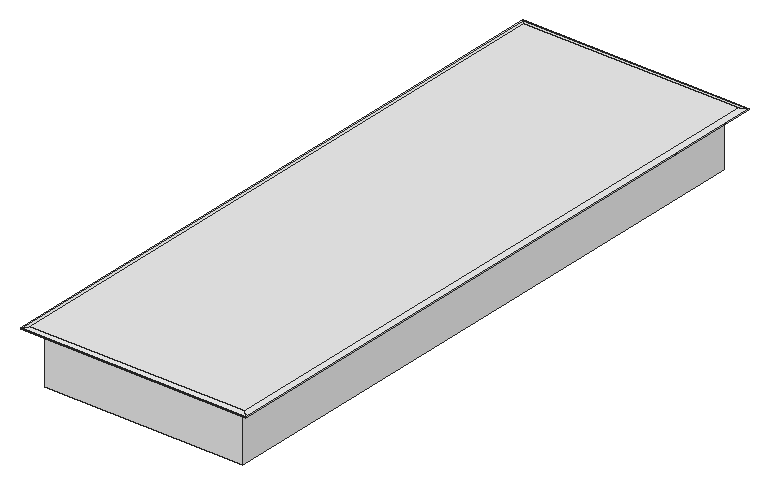
Revit family "Panel_Leviton_Indoor_42Pos", category Electrical Equipment, Revit 2026 (continued)
Definition of nested family "FrontView_42pos"
  Lines and regions (in)
    model lines
      curve 1456: line (7.59867, 10.22573, 0) -> (4.48834, 10.21674, 0)
      curve 1457: line (4.48834, 10.21674, 0) -> (4.48834, 10.0682, 0)
      curve 1458: line (4.48834, 10.0682, 0) -> (7.59867, 10.0682, 0)
      curve 1459: line (7.59867, 10.0682, 0) -> (7.59867, 10.04122, 0)
      curve 1460: line (7.59867, 10.04122, 0) -> (4.48834, 10.04122, 0)
      curve 1461: line (4.48834, 10.04122, 0) -> (4.48834, 10.0682, 0)
      curve 1462: line (4.48834, 7.98798, 0) -> (7.59867, 7.98798, 0)
      curve 1463: line (7.59867, 7.98798, 0) -> (7.59867, 7.961, 0)
      curve 1464: line (7.59867, 7.961, 0) -> (4.48834, 7.961, 0)
      curve 1465: line (4.48834, 7.961, 0) -> (4.48834, 7.98798, 0)
      curve 1466: line (4.48834, 7.98798, 0) -> (4.48834, 8.13652, 0)
      curve 1467: line (4.48834, 8.13652, 0) -> (7.59867, 8.14551, 0)
      curve 1468: line (4.48834, 12.12144, 0) -> (7.59867, 12.12144, 0)
      curve 1469: line (4.48834, 12.14842, 0) -> (4.48834, 12.12144, 0)
      curve 1470: line (4.48834, 12.12144, 0) -> (4.48834, 11.29585, 0)
      curve 1471: line (4.48834, 11.29585, 0) -> (7.59867, 11.29585, 0)
      curve 1472: line (7.59867, 11.29585, 0) -> (7.59867, 12.12144, 0)
      curve 1473: line (7.59867, 12.12144, 0) -> (7.59867, 12.14842, 0)
      curve 1474: line (8.65478, 11.08133, 0) -> (8.65478, 10.25574, 0)
      curve 1475: line (8.65478, 10.25574, 0) -> (11.76511, 10.25574, 0)
      curve 1476: line (11.76511, 10.25574, 0) -> (11.76511, 11.08133, 0)
      curve 1477: line (8.65478, 9.00111, 0) -> (8.65478, 8.17552, 0)
      curve 1478: line (8.65478, 8.17552, 0) -> (11.76511, 8.17552, 0)
      curve 1479: line (11.76511, 8.17552, 0) -> (11.76511, 9.00111, 0)
      curve 1480: line (4.48834, 10.04122, 0) -> (4.48834, 9.21563, 0)
      curve 1481: line (4.48834, 9.21563, 0) -> (7.59867, 9.21563, 0)
      curve 1482: line (7.59867, 9.21563, 0) -> (7.59867, 10.04122, 0)
      curve 1483: line (4.48834, 7.961, 0) -> (4.48834, 7.13541, 0)
      curve 1484: line (4.48834, 7.13541, 0) -> (7.59867, 7.13541, 0)
      curve 1485: line (7.59867, 7.13541, 0) -> (7.59867, 7.961, 0)
      curve 1486: line (4.48834, 9.02809, 0) -> (4.48834, 9.00111, 0)
      curve 1487: line (4.48834, 9.00111, 0) -> (7.59867, 9.00111, 0)
      curve 1488: line (7.59867, 9.00111, 0) -> (7.59867, 9.02809, 0)
      curve 1489: line (7.59867, 9.02809, 0) -> (7.59867, 9.17663, 0)
      curve 1490: line (8.65478, 7.98798, 0) -> (11.76511, 7.98798, 0)
      curve 1491: line (11.76511, 7.98798, 0) -> (11.76511, 7.961, 0)
      curve 1492: line (11.76511, 7.961, 0) -> (8.65478, 7.961, 0)
      curve 1493: line (8.65478, 7.961, 0) -> (8.65478, 7.98798, 0)
      curve 1494: line (8.65478, 7.98798, 0) -> (8.65478, 8.13652, 0)
      curve 1495: line (8.65478, 8.13652, 0) -> (8.65478, 8.14551, 0)
      curve 1496: line (8.65478, 12.30595, 0) -> (8.65478, 12.29696, 0)
      curve 1497: line (8.65478, 12.29696, 0) -> (8.65478, 12.14842, 0)
      curve 1498: line (8.65478, 12.14842, 0) -> (8.65478, 12.12144, 0)
      curve 1499: line (8.65478, 12.12144, 0) -> (11.76511, 12.12144, 0)
      curve 1500: line (8.65478, 10.0682, 0) -> (11.76511, 10.0682, 0)
      curve 1501: line (11.76511, 10.0682, 0) -> (11.76511, 10.04122, 0)
      curve 1502: line (11.76511, 10.04122, 0) -> (8.65478, 10.04122, 0)
      curve 1503: line (8.65478, 10.04122, 0) -> (8.65478, 10.0682, 0)
      curve 1504: line (8.65478, 10.0682, 0) -> (8.65478, 10.21674, 0)
      curve 1505: line (8.65478, 10.21674, 0) -> (11.76511, 10.22573, 0)
      curve 1506: line (4.48834, 11.10831, 0) -> (4.48834, 11.08133, 0)
      curve 1507: line (4.48834, 11.08133, 0) -> (7.59867, 11.08133, 0)
      curve 1508: line (7.59867, 11.08133, 0) -> (7.59867, 11.10831, 0)
      curve 1509: line (8.65478, 10.04122, 0) -> (8.65478, 9.21563, 0)
      curve 1510: line (8.65478, 9.21563, 0) -> (11.76511, 9.21563, 0)
      curve 1511: line (11.76511, 9.21563, 0) -> (11.76511, 10.04122, 0)
      curve 1512: line (7.59867, 8.17552, 0) -> (4.48834, 8.17552, 0)
      curve 1513: line (4.48834, 8.17552, 0) -> (4.48834, 9.00111, 0)
      curve 1514: line (10.76033, 7.13215, 0) -> (11.76511, 7.13541, 0)
      curve 1515: line (11.76511, 7.13541, 0) -> (11.76511, 7.961, 0)
      curve 1516: line (9.58188, 7.12849, 0) -> (8.65478, 7.13189, 0)
      curve 1517: line (8.65478, 7.1319, 0) -> (8.7246, 7.12962, 0)
      curve 1518: line (8.7246, 7.12962, 0) -> (9.66299, 7.12962, 0)
      curve 1519: line (9.66718, 7.12858, 0) -> (9.7216, 7.12858, 0)
      curve 1520: line (9.72579, 7.12962, 0) -> (9.8469, 7.12962, 0)
      curve 1521: line (9.85005, 7.12884, 0) -> (11.64363, 7.12884, 0)
      curve 1522: line (11.64363, 7.12849, 0) -> (11.70992, 7.12849, 0)
      curve 1523: line (11.70992, 7.12849, 0) -> (11.76511, 7.13541, 0)
      curve 1524: line (11.76511, 7.13541, 0) -> (8.65478, 7.13541, 0)
      curve 1525: line (8.65478, 7.13541, 0) -> (8.65478, 7.961, 0)
      curve 1526: line (8.65478, 12.14842, 0) -> (11.76511, 12.14842, 0)
      curve 1527: line (4.48834, 11.08133, 0) -> (4.48834, 10.25574, 0)
      curve 1528: line (4.48834, 10.25574, 0) -> (7.59867, 10.25574, 0)
      curve 1529: line (7.59867, 10.25574, 0) -> (7.59867, 11.08133, 0)
      curve 1530: line (4.48834, 9.18562, 0) -> (4.48834, 9.17663, 0)
      curve 1531: line (4.48834, 9.17663, 0) -> (7.59867, 9.17663, 0)
      curve 1532: line (7.59867, 9.17663, 0) -> (7.59867, 9.18562, 0)
      curve 1533: line (7.59867, 9.18562, 0) -> (4.48834, 9.17663, 0)
      curve 1534: line (4.48834, 9.17663, 0) -> (4.48834, 9.02809, 0)
      curve 1535: line (4.48834, 9.02809, 0) -> (7.59867, 9.02809, 0)
      curve 1536: line (7.59867, 12.30595, 0) -> (4.48834, 12.29696, 0)
      curve 1537: line (4.48834, 12.29696, 0) -> (7.59867, 12.29696, 0)
      curve 1538: line (7.59867, 12.29696, 0) -> (7.59867, 12.14842, 0)
      curve 1539: line (7.59867, 12.14842, 0) -> (4.48834, 12.14842, 0)
      curve 1540: line (4.48834, 12.14842, 0) -> (4.48834, 12.29696, 0)
      curve 1541: line (4.48834, 12.29696, 0) -> (4.48834, 12.30595, 0)
      curve 1542: line (11.76511, 8.14551, 0) -> (8.65478, 8.13652, 0)
      curve 1543: line (8.65478, 8.13652, 0) -> (11.76511, 8.13652, 0)
      curve 1544: line (11.76511, 8.13652, 0) -> (11.76511, 7.98798, 0)
      curve 1545: line (4.48834, 8.14551, 0) -> (4.48834, 8.13652, 0)
      curve 1546: line (4.48834, 8.13652, 0) -> (7.59867, 8.13652, 0)
      curve 1547: line (7.59867, 8.13652, 0) -> (7.59867, 7.98798, 0)
      curve 1548: line (8.65478, 9.18562, 0) -> (8.65478, 9.17663, 0)
      curve 1549: line (8.65478, 9.17663, 0) -> (11.76511, 9.17663, 0)
      curve 1550: line (11.76511, 9.17663, 0) -> (11.76511, 9.02809, 0)
      curve 1551: line (8.65478, 11.26584, 0) -> (8.65478, 11.25685, 0)
      curve 1552: line (8.65478, 11.25685, 0) -> (11.76511, 11.25685, 0)
      curve 1553: line (11.76511, 11.25685, 0) -> (11.76511, 11.26584, 0)
      curve 1554: line (11.76511, 11.26584, 0) -> (8.65478, 11.25685, 0)
      curve 1555: line (8.65478, 11.25685, 0) -> (8.65478, 11.10831, 0)
      curve 1556: line (8.65478, 11.10831, 0) -> (11.76511, 11.10831, 0)
      curve 1557: line (8.65478, 12.12144, 0) -> (8.65478, 11.29585, 0)
      curve 1558: line (8.65478, 11.29585, 0) -> (11.76511, 11.29585, 0)
      curve 1559: line (11.76511, 11.29585, 0) -> (11.76511, 12.12144, 0)
      curve 1560: line (11.76511, 12.12144, 0) -> (11.76511, 12.14842, 0)
      curve 1561: line (11.76511, 12.14842, 0) -> (11.76511, 12.30595, 0)
      curve 1562: line (11.76511, 12.30595, 0) -> (8.65478, 12.29696, 0)
      curve 1563: line (8.65478, 12.29696, 0) -> (11.76511, 12.29696, 0)
      curve 1564: line (4.48834, 10.22573, 0) -> (4.48834, 10.21674, 0)
      curve 1565: line (4.48834, 10.21674, 0) -> (7.59867, 10.21674, 0)
      curve 1566: line (7.59867, 10.21674, 0) -> (7.59867, 10.0682, 0)
      curve 1567: line (8.65478, 10.22573, 0) -> (8.65478, 10.21674, 0)
      curve 1568: line (8.65478, 10.21674, 0) -> (11.76511, 10.21674, 0)
      curve 1569: line (11.76511, 10.21674, 0) -> (11.76511, 10.0682, 0)
      curve 1570: line (4.48834, 11.26584, 0) -> (4.48834, 11.25685, 0)
      curve 1571: line (4.48834, 11.25685, 0) -> (7.59867, 11.25685, 0)
      curve 1572: line (7.59867, 11.25685, 0) -> (7.59867, 11.26584, 0)
      curve 1573: line (7.59867, 11.26584, 0) -> (4.48834, 11.25685, 0)
      curve 1574: line (4.48834, 11.25685, 0) -> (4.48834, 11.10831, 0)
      curve 1575: line (4.48834, 11.10831, 0) -> (7.59867, 11.10831, 0)
      curve 1576: line (7.59867, 11.10831, 0) -> (7.59867, 11.25685, 0)
      curve 1577: line (8.65478, 7.13541, 0) -> (8.65478, 7.12541, 0)
      curve 1578: line (8.65478, 7.12541, 0) -> (11.76511, 7.12541, 0)
      curve 1579: line (11.76511, 7.12541, 0) -> (11.76511, 7.13541, 0)
      curve 1580: line (8.65478, 10.25574, 0) -> (8.65478, 10.24574, 0)
      curve 1581: line (8.65478, 10.24574, 0) -> (11.76511, 10.24574, 0)
      curve 1582: line (11.76511, 10.24574, 0) -> (11.76511, 10.25574, 0)
      curve 1583: line (8.65478, 9.21563, 0) -> (8.65478, 9.20563, 0)
      curve 1584: line (8.65478, 9.20563, 0) -> (11.76511, 9.20563, 0)
      curve 1585: line (11.76511, 9.20563, 0) -> (11.76511, 9.21563, 0)
      curve 1586: line (8.65478, 8.17552, 0) -> (8.65478, 8.16552, 0)
      curve 1587: line (8.65478, 8.16552, 0) -> (11.76511, 8.16552, 0)
      curve 1588: line (11.76511, 8.16552, 0) -> (11.76511, 8.17552, 0)
      curve 1589: line (4.48834, 7.13541, 0) -> (4.48834, 7.12541, 0)
      curve 1590: line (4.48834, 7.12541, 0) -> (7.59867, 7.12541, 0)
      curve 1591: line (7.59867, 7.12541, 0) -> (7.59867, 7.13541, 0)
      curve 1592: line (7.59867, 7.1319, 0) -> (7.52885, 7.12962, 0)
      curve 1593: line (7.52885, 7.12962, 0) -> (6.59046, 7.12962, 0)
      curve 1594: line (6.58627, 7.12858, 0) -> (6.53185, 7.12858, 0)
      curve 1595: line (6.52766, 7.12962, 0) -> (6.40654, 7.12962, 0)
      curve 1596: line (6.4034, 7.12884, 0) -> (4.61121, 7.12884, 0)
      curve 1597: line (4.61121, 7.12884, 0) -> (4.54353, 7.12849, 0)
      curve 1598: line (4.54353, 7.12849, 0) -> (4.48834, 7.12849, 0)
      curve 1599: line (4.48834, 7.12849, 0) -> (5.49308, 7.13215, 0)
      curve 1600: line (4.48834, 10.25574, 0) -> (4.48834, 10.24574, 0)
      curve 1601: line (4.48834, 10.24574, 0) -> (7.59867, 10.24574, 0)
      curve 1602: line (7.59867, 10.24574, 0) -> (7.59867, 10.25574, 0)
      curve 1603: line (4.48834, 9.21563, 0) -> (4.48834, 9.20563, 0)
      curve 1604: line (4.48834, 9.20563, 0) -> (7.59867, 9.20563, 0)
      curve 1605: line (7.59867, 9.20563, 0) -> (7.59867, 9.21563, 0)
      curve 1606: line (4.48834, 8.17552, 0) -> (4.48834, 8.16552, 0)
      curve 1607: line (4.48834, 8.16552, 0) -> (7.59867, 8.16552, 0)
      curve 1608: line (7.59867, 8.16552, 0) -> (7.59867, 8.17552, 0)
      curve 1609: line (7.59867, 8.17552, 0) -> (7.59867, 9.00111, 0)
      curve 1610: line (5.61222, 7.13264, 0) -> (5.65812, 7.12932, 0)
      curve 1611: line (5.65812, 7.12932, 0) -> (5.65222, 7.13227, 0)
      curve 1612: line (5.65222, 7.13227, 0) -> (5.65812, 7.12932, 0)
      curve 1613: line (5.65812, 7.12932, 0) -> (6.3568, 7.12932, 0)
      curve 1614: line (9.8312, 7.13006, 0) -> (8.76297, 7.13006, 0)
      curve 1615: line (8.76297, 7.13006, 0) -> (8.70606, 7.13191, 0)
      curve 1616: line (9.89619, 7.1295, 0) -> (10.59033, 7.1295, 0)
      curve 1617: line (10.59533, 7.12932, 0) -> (10.64122, 7.13264, 0)
      curve 1618: line (9.83754, 11.29069, 0) -> (9.8312, 11.28736, 0)
      curve 1619: line (9.8312, 11.28736, 0) -> (8.76297, 11.28736, 0)
      curve 1620: line (8.76297, 11.28736, 0) -> (8.71658, 11.28585, 0)
      curve 1621: line (8.71658, 11.28585, 0) -> (8.72076, 11.29094, 0)
      curve 1622: line (8.72076, 11.29094, 0) -> (8.76297, 11.29156, 0)
      curve 1623: line (8.76297, 11.29156, 0) -> (9.8312, 11.29156, 0)
      curve 1624: line (7.53269, 11.29094, 0) -> (7.53687, 11.28585, 0)
      curve 1625: line (7.53687, 11.28585, 0) -> (7.49048, 11.28736, 0)
      curve 1626: line (7.49048, 11.28736, 0) -> (6.42225, 11.28736, 0)
      curve 1627: line (6.42225, 11.28736, 0) -> (6.41591, 11.29069, 0)
      curve 1628: line (6.41277, 11.29069, 0) -> (7.49048, 11.29069, 0)
      curve 1629: line (7.49048, 11.29069, 0) -> (7.54724, 11.29526, 0)
      curve 1630: line (10.60525, 8.16552, 0) -> (10.60525, 8.17552, 0)
      curve 1631: line (10.60525, 9.20563, 0) -> (10.60525, 9.21563, 0)
      curve 1632: line (10.60525, 10.24574, 0) -> (10.60525, 10.25574, 0)
      curve 1633: line (5.6482, 8.16552, 0) -> (5.6482, 8.17552, 0)
      curve 1634: line (5.6482, 10.24574, 0) -> (5.6482, 10.25574, 0)
      curve 1635: line (5.6482, 9.20563, 0) -> (5.6482, 9.21563, 0)
      curve 1636: line (10.76031, 9.21563, 0) -> (10.76031, 9.20563, 0)
      curve 1637: line (10.76031, 8.17552, 0) -> (10.76031, 8.16552, 0)
      curve 1638: line (10.76031, 10.25574, 0) -> (10.76031, 10.24574, 0)
      curve 1639: line (5.49313, 8.16552, 0) -> (5.49313, 8.17552, 0)
      curve 1640: line (5.49313, 9.20563, 0) -> (5.49313, 9.21563, 0)
      curve 1641: line (5.49313, 10.24574, 0) -> (5.49313, 10.25574, 0)
      curve 1642: line (7.49048, 8.16552, 0) -> (7.49048, 8.17552, 0)
      curve 1643: line (7.49048, 10.24574, 0) -> (7.49048, 10.25574, 0)
      curve 1644: line (7.49048, 9.20563, 0) -> (7.49048, 9.21563, 0)
      curve 1645: line (8.76297, 10.24574, 0) -> (8.76297, 10.25574, 0)
      curve 1646: line (8.76297, 8.16552, 0) -> (8.76297, 8.17552, 0)
      curve 1647: line (8.76297, 9.20563, 0) -> (8.76297, 9.21563, 0)
      curve 1648: line (6.3568, 8.16552, 0) -> (6.3568, 8.17552, 0)
      curve 1649: line (6.3568, 10.24574, 0) -> (6.3568, 10.25574, 0)
      curve 1650: line (6.3568, 9.20563, 0) -> (6.3568, 9.21563, 0)
      curve 1651: line (9.89665, 10.24574, 0) -> (9.89665, 10.25574, 0)
      curve 1652: line (9.89665, 8.16552, 0) -> (9.89665, 8.17552, 0)
      curve 1653: line (9.89665, 9.20563, 0) -> (9.89665, 9.21563, 0)
      curve 1654: line (11.76511, 11.28912, 0) -> (10.76031, 11.28912, 0)
      curve 1655: line (10.76031, 11.28912, 0) -> (10.76031, 11.29585, 0)
      curve 1656: line (10.76031, 11.29585, 0) -> (10.69863, 11.28912, 0)
      curve 1657: line (10.69863, 11.28912, 0) -> (10.64071, 11.28862, 0)
      curve 1658: line (10.63949, 11.28893, 0) -> (10.61672, 11.28912, 0)
      curve 1659: line (10.61672, 11.28912, 0) -> (10.59984, 11.28585, 0)
      curve 1660: line (10.59033, 11.28814, 0) -> (9.89665, 11.28814, 0)
      curve 1661: line (9.89665, 11.28814, 0) -> (9.91319, 11.28862, 0)
      curve 1662: line (9.91441, 11.28912, 0) -> (9.89665, 11.28999, 0)
      curve 1663: line (9.89665, 11.28999, 0) -> (10.59524, 11.28999, 0)
      curve 1664: line (10.59524, 11.28999, 0) -> (10.6011, 11.29585, 0)
      curve 1665: line (10.6011, 11.29585, 0) -> (10.6161, 11.29585, 0)
      curve 1666: line (10.6161, 11.29585, 0) -> (10.60937, 11.28912, 0)
      curve 1667: line (10.60937, 11.28912, 0) -> (9.85005, 11.28912, 0)
      curve 1668: line (9.8469, 11.29069, 0) -> (9.72579, 11.29069, 0)
      curve 1669: line (9.72348, 11.28953, 0) -> (9.73064, 11.28884, 0)
      curve 1670: line (9.73376, 11.29069, 0) -> (9.72209, 11.28884, 0)
      curve 1671: line (9.72209, 11.28884, 0) -> (9.73064, 11.28884, 0)
      curve 1672: line (9.73376, 11.28784, 0) -> (9.83754, 11.28784, 0)
      curve 1673: line (9.84068, 11.28862, 0) -> (9.91319, 11.28862, 0)
      curve 1674: line (9.91319, 11.28862, 0) -> (10.63949, 11.28862, 0)
      curve 1675: line (10.63949, 11.28893, 0) -> (11.62587, 11.28893, 0)
      curve 1676: line (11.62587, 11.28862, 0) -> (11.70992, 11.28893, 0)
      curve 1677: line (11.70992, 11.28893, 0) -> (11.76511, 11.28893, 0)
      curve 1678: line (11.76511, 11.28585, 0) -> (8.65478, 11.28585, 0)
      curve 1679: line (8.65478, 11.28585, 0) -> (8.65478, 11.29585, 0)
      curve 1680: line (8.65478, 11.29585, 0) -> (8.72076, 11.28784, 0)
      curve 1681: line (8.72076, 11.28784, 0) -> (9.65502, 11.28784, 0)
      curve 1682: line (9.65904, 11.28884, 0) -> (9.66669, 11.28884, 0)
      curve 1683: line (9.66669, 11.28884, 0) -> (9.65502, 11.29069, 0)
      curve 1684: line (9.66299, 11.29069, 0) -> (8.7246, 11.29069, 0)
      curve 1685: line (8.7246, 11.29069, 0) -> (8.65492, 11.29523, 0)
      curve 1686: line (4.48834, 11.28912, 0) -> (5.49313, 11.28912, 0)
      curve 1687: line (5.49313, 11.28912, 0) -> (5.49313, 11.29585, 0)
      curve 1688: line (5.49313, 11.29585, 0) -> (5.55481, 11.28912, 0)
      curve 1689: line (5.55481, 11.28912, 0) -> (5.61222, 11.28912, 0)
      curve 1690: line (5.61222, 11.28912, 0) -> (5.63673, 11.28912, 0)
      curve 1691: line (5.63673, 11.28912, 0) -> (5.6582, 11.28999, 0)
      curve 1692: line (5.6582, 11.28999, 0) -> (6.3568, 11.28999, 0)
      curve 1693: line (6.3568, 11.28814, 0) -> (5.66312, 11.28814, 0)
      curve 1694: line (5.65361, 11.28585, 0) -> (5.63673, 11.29585, 0)
      curve 1695: line (5.63673, 11.29585, 0) -> (5.6582, 11.28999, 0)
      curve 1696: line (5.6582, 11.28999, 0) -> (5.64346, 11.28912, 0)
      curve 1697: line (5.64346, 11.28912, 0) -> (6.4034, 11.28912, 0)
      curve 1698: line (6.40654, 11.29069, 0) -> (6.52766, 11.29069, 0)
      curve 1699: line (6.51969, 11.29069, 0) -> (6.53136, 11.28884, 0)
      curve 1700: line (6.53136, 11.28884, 0) -> (6.52371, 11.28884, 0)
      curve 1701: line (6.51969, 11.28784, 0) -> (6.41591, 11.28784, 0)
      curve 1702: line (6.41277, 11.28862, 0) -> (4.62635, 11.28862, 0)
      curve 1703: line (4.62635, 11.28893, 0) -> (4.54353, 11.28893, 0)
      curve 1704: line (4.54353, 11.28893, 0) -> (4.48834, 11.29585, 0)
      curve 1705: line (4.48834, 11.29585, 0) -> (4.48834, 11.28585, 0)
      curve 1706: line (4.48834, 11.28585, 0) -> (7.59867, 11.28585, 0)
      curve 1707: line (7.59867, 11.28585, 0) -> (7.59867, 11.29585, 0)
      curve 1708: line (7.59852, 11.29523, 0) -> (7.52885, 11.29069, 0)
      curve 1709: line (7.52885, 11.29069, 0) -> (6.59046, 11.29069, 0)
      curve 1710: line (6.58893, 11.28993, 0) -> (6.59843, 11.29069, 0)
      curve 1711: line (6.59843, 11.29069, 0) -> (6.58676, 11.28884, 0)
      curve 1712: line (6.58676, 11.28884, 0) -> (6.59441, 11.28884, 0)
      curve 1713: line (6.59843, 11.28784, 0) -> (7.53269, 11.28784, 0)
      curve 1714: line (7.53269, 11.28784, 0) -> (7.59382, 11.28585, 0)
      curve 1715: line (10.59524, 11.28999, 0) -> (10.60998, 11.28973, 0)
      curve 1716: line (10.60937, 11.28912, 0) -> (10.61672, 11.28912, 0)
      curve 1717: line (10.61672, 11.28912, 0) -> (10.60937, 11.28912, 0)
      curve 1718: line (5.27792, 7.12884, 0) -> (6.19652, 7.12884, 0)
      curve 1719: line (6.19827, 7.12674, 0) -> (6.25478, 7.12674, 0)
      curve 1720: line (6.25653, 7.12849, 0) -> (6.44655, 7.12849, 0)
      curve 1721: line (6.50655, 7.12849, 0) -> (6.61156, 7.12849, 0)
      curve 1722: line (6.67157, 7.12849, 0) -> (7.53666, 7.12849, 0)
      curve 1723: line (7.53858, 7.12657, 0) -> (7.5565, 7.12541, 0)
      curve 1724: line (7.5565, 7.12541, 0) -> (7.53858, 7.12994, 0)
      curve 1725: line (7.53667, 7.12988, 0) -> (7.49048, 7.13006, 0)
      curve 1726: line (7.49048, 7.13006, 0) -> (6.42109, 7.13006, 0)
      curve 1727: line (9.64188, 7.12849, 0) -> (9.74689, 7.12849, 0)
      curve 1728: line (9.8069, 7.12849, 0) -> (9.99692, 7.12849, 0)
      curve 1729: line (9.99867, 7.12674, 0) -> (10.05518, 7.12674, 0)
      curve 1730: line (10.05693, 7.12849, 0) -> (11.64363, 7.12849, 0)
      curve 1731: line (11.64584, 7.12674, 0) -> (11.70235, 7.12674, 0)
      curve 1732: line (4.59961, 7.12674, 0) -> (4.55109, 7.12674, 0)
  Dimensions and locks (in)
    aligned and locked: plane 2 to level
Definition of nested family "SideView"
  Parameters
    Door Open = no
    Door Closed = not(Door Open)  # yes
  Reference planes (in)
    plane 1 "Center (Front/Back)": y = 0
    plane 2: z = 0
    plane 3 "Center (Left/Right)": x = 0
  Lines and regions (in)
    model lines, in view "Ref. Level", detail levels fine
      curve 1: line (17.56675, 4.22759, 0) -> (17.78658, 4.20408, 0)
      curve 2: line (17.78658, 4.20408, 0) -> (17.54308, 4.20209, 0)
      curve 3: line (17.54308, 4.20209, 0) -> (17.54242, 4.12631, 0)
      curve 4: line (19.83821, 4.12631, 0) -> (19.81388, 4.20408, 0)
      curve 5: line (19.81388, 4.20408, 0) -> (18.74258, 4.20408, 0)
      curve 6: line (18.74258, 4.20408, 0) -> (19.81388, 4.22759, 0)
      curve 7: line (19.69576, 4.26685, 0) -> (18.74258, 4.26685, 0)
      curve 8: line (17.78658, 4.26685, 0) -> (17.68487, 4.26685, 0)
      curve 9: line (32.91605, 0.4385, 0) -> (32.91638, 0.45742, 0)
      curve 10: line (31.74798, 2.1685, 0) -> (31.74716, 2.1216, 0)
      curve 12: line (14.76942, -0.12614, 0) -> (14.74406, -0.1113, 0)
      curve 13: line (14.52726, -0.11159, 0) -> (14.55996, -0.13063, 0)
      curve 14: line (12.24128, -0.05597, 0) -> (12.26121, -0.06753, 0)
      curve 15: line (12.41064, -0.08348, 0) -> (12.43116, -0.07157, 0)
      curve 16: line (12.4109, -0.05208, 0) -> (12.42227, -0.04548, 0)
      curve 17: line (12.24125, -0.08721, 0) -> (12.26121, -0.09878, 0)
      curve 18: line (12.26742, -0.06944, 0) -> (12.24857, -0.08111, 0)
      curve 19: line (12.43182, -0.06761, 0) -> (12.41118, -0.05564, 0)
      curve 20: line (12.43083, -0.09829, 0) -> (12.41117, -0.08689, 0)
      curve 21: line (37.1785, -0.0561, 0) -> (37.19821, -0.06753, 0)
      curve 22: line (37.3479, -0.08333, 0) -> (37.36816, -0.07157, 0)
      curve 23: line (37.3479, -0.05208, 0) -> (37.35927, -0.04548, 0)
      curve 24: line (37.17825, -0.08721, 0) -> (37.19821, -0.09878, 0)
      curve 25: line (37.20442, -0.06944, 0) -> (37.18557, -0.08111, 0)
      curve 26: line (37.36881, -0.06761, 0) -> (37.34818, -0.05564, 0)
      curve 27: line (37.36783, -0.09829, 0) -> (37.34817, -0.08689, 0)
      curve 28: line (18.4815, -0.0561, 0) -> (18.50121, -0.06753, 0)
      curve 29: line (18.65064, -0.08348, 0) -> (18.67116, -0.07157, 0)
      curve 30: line (18.65064, -0.05223, 0) -> (18.66227, -0.04548, 0)
      curve 31: line (18.48125, -0.08721, 0) -> (18.50121, -0.09878, 0)
      curve 32: line (18.50742, -0.06944, 0) -> (18.48857, -0.08111, 0)
      curve 33: line (18.67182, -0.06761, 0) -> (18.65118, -0.05564, 0)
      curve 34: line (18.67083, -0.09829, 0) -> (18.65117, -0.08689, 0)
      curve 35: line (30.93828, -0.05597, 0) -> (30.95821, -0.06753, 0)
      curve 36: line (31.10764, -0.08348, 0) -> (31.12816, -0.07157, 0)
      curve 37: line (31.1079, -0.05208, 0) -> (31.11927, -0.04548, 0)
      curve 38: line (30.93825, -0.08721, 0) -> (30.95821, -0.09878, 0)
      curve 39: line (30.96442, -0.06944, 0) -> (30.94557, -0.08111, 0)
      curve 40: line (31.12882, -0.06761, 0) -> (31.10818, -0.05564, 0)
      curve 41: line (31.12783, -0.09829, 0) -> (31.10817, -0.08689, 0)
      curve 42: line (10.40563, -0.0036, 0) -> (10.39946, 0, 0)
      curve 43: line (10.42075, -0.1124, 0) -> (10.38807, -0.09335, 0)
      curve 44: line (10.1719, -0.09525, 0) -> (10.20521, -0.11465, 0)
      curve 45: line (22.146, 1.46215, 0) -> (22.11932, 1.4776, 0)
      curve 46: line (22.12858, 1.16334, 0) -> (22.13705, 1.16825, 0)
      curve 47: line (21.89756, 1.51211, 0) -> (21.92464, 1.49643, 0)
      curve 48: line (22.96469, 1.49614, 0) -> (22.93703, 1.48012, 0)
      curve 49: line (32.01167, 1.24617, 0) -> (31.98573, 1.23115, 0)
      curve 50: line (33.2467, 1.22962, 0) -> (33.26897, 1.24251, 0)
      curve 51: line (33.025, 1.22619, 0) -> (33.05163, 1.21076, 0)
      curve 52: line (24.45671, 1.49521, 0) -> (24.47389, 1.48526, 0)
      curve 53: line (23.41731, 1.50758, 0) -> (23.44439, 1.49189, 0)
      curve 54: line (33.04858, 1.22301, 0) -> (33.02629, 1.21009, 0)
      curve 55: line (33.26809, 1.22714, 0) -> (33.24316, 1.24158, 0)
      curve 56: line (24.48463, 1.49148, 0) -> (24.45697, 1.47546, 0)
      curve 57: line (24.45731, 1.50758, 0) -> (24.47469, 1.49751, 0)
      curve 58: line (34.54444, 1.22183, 0) -> (34.5719, 1.20592, 0)
      curve 59: line (35.61174, 1.24158, 0) -> (35.58491, 1.22604, 0)
      curve 60: spline (17.56675, 4.20408, 0) -> (17.56481, 4.20407, 0) -> (17.56286, 4.20403, 0) -> (17.5609, 4.20396, 0) -> (17.55894, 4.20386, 0) -> (17.55697, 4.20373, 0) -> (17.55499, 4.20358, 0) -> (17.55301, 4.2034, 0) -> (17.55103, 4.20319, 0) -> (17.54905, 4.20296, 0) -> (17.54706, 4.20269, 0) -> (17.54507, 4.2024, 0) -> (17.54308, 4.20209, 0)
      curve 61: spline (19.83755, 4.20209, 0) -> (19.83556, 4.2024, 0) -> (19.83357, 4.20269, 0) -> (19.83158, 4.20296, 0) -> (19.8296, 4.20319, 0) -> (19.82762, 4.2034, 0) -> (19.82564, 4.20358, 0) -> (19.82366, 4.20373, 0) -> (19.82169, 4.20386, 0) -> (19.81973, 4.20396, 0) -> (19.81777, 4.20403, 0) -> (19.81582, 4.20407, 0) -> (19.81388, 4.20408, 0)
      curve 62: arc (17.54308, 4.20209, 0) -> (17.53058, 4.20219, 0) -> (17.51808, 4.20209, 0) r 0.71632
      curve 63: arc (19.86255, 4.20209, 0) -> (19.85005, 4.20219, 0) -> (19.83755, 4.20209, 0) r 0.71632
      curve 64: spline (17.56675, 4.22759, 0) -> (17.56447, 4.22767, 0) -> (17.56218, 4.22772, 0) -> (17.55988, 4.22773, 0) -> (17.55758, 4.2277, 0) -> (17.55527, 4.22764, 0) -> (17.55296, 4.22755, 0) -> (17.55064, 4.22741, 0) -> (17.54832, 4.22724, 0) -> (17.546, 4.22704, 0) -> (17.54368, 4.22679, 0) -> (17.54135, 4.22652, 0) -> (17.53903, 4.2262, 0)
      curve 65: arc (17.54308, 4.20209, 0) -> (17.54107, 4.21415, 0) -> (17.53903, 4.2262, 0) r 6.04641
      curve 66: arc (17.53903, 4.2262, 0) -> (17.52414, 4.21798, 0) -> (17.51808, 4.20209, 0) r 0.02476
      curve 67: arc (19.8416, 4.2262, 0) -> (19.83956, 4.21415, 0) -> (19.83755, 4.20209, 0) r 5.9933
      curve 68: arc (19.86255, 4.20209, 0) -> (19.85649, 4.21798, 0) -> (19.8416, 4.2262, 0) r 0.02476
      curve 69: spline (19.8416, 4.2262, 0) -> (19.83927, 4.22652, 0) -> (19.83695, 4.2268, 0) -> (19.83463, 4.22704, 0) -> (19.83231, 4.22724, 0) -> (19.82999, 4.22741, 0) -> (19.82767, 4.22755, 0) -> (19.82536, 4.22764, 0) -> (19.82305, 4.2277, 0) -> (19.82075, 4.22773, 0) -> (19.81845, 4.22772, 0) -> (19.81616, 4.22767, 0) -> (19.81388, 4.22759, 0)
      curve 70: arc (17.68487, 4.26685, 0) -> (17.6691, 4.26929, 0) -> (17.65333, 4.26685, 0) r 0.05201
      curve 71: spline (17.53903, 4.2262, 0) -> (17.53871, 4.22652, 0) -> (17.53838, 4.2268, 0) -> (17.53805, 4.22704, 0) -> (17.53773, 4.22724, 0) -> (17.53741, 4.22741, 0) -> (17.53709, 4.22755, 0) -> (17.53677, 4.22764, 0) -> (17.53645, 4.2277, 0) -> (17.53614, 4.22773, 0) -> (17.53583, 4.22772, 0) -> (17.53552, 4.22767, 0) -> (17.53521, 4.22759, 0)
      curve 72: arc (19.7273, 4.26685, 0) -> (19.71153, 4.26929, 0) -> (19.69576, 4.26685, 0) r 0.05201
      curve 73: spline (19.84542, 4.22759, 0) -> (19.84511, 4.22767, 0) -> (19.8448, 4.22772, 0) -> (19.84449, 4.22773, 0) -> (19.84418, 4.2277, 0) -> (19.84386, 4.22764, 0) -> (19.84354, 4.22755, 0) -> (19.84322, 4.22741, 0) -> (19.8429, 4.22724, 0) -> (19.84258, 4.22704, 0) -> (19.84225, 4.2268, 0) -> (19.84193, 4.22652, 0) -> (19.8416, 4.2262, 0)
      curve 74: arc (17.53521, 4.22759, 0) -> (17.52282, 4.21849, 0) -> (17.51809, 4.20386, 0) r 0.025
      curve 75: arc (19.86252, 4.20302, 0) -> (19.85805, 4.21814, 0) -> (19.84542, 4.22759, 0) r 0.025
      curve 76: arc (17.68487, 4.27195, 0) -> (17.6689, 4.27067, 0) -> (17.65333, 4.26685, 0) r 0.1
      curve 77: arc (19.7273, 4.26685, 0) -> (19.71176, 4.27066, 0) -> (19.69581, 4.27195, 0) r 0.1
      curve 78: line (14.56185, -0.13477, 0) -> (14.74244, -0.11127, 0)
      curve 79: line (14.52854, -0.10455, 0) -> (14.60401, -0.09525, 0)
      curve 80: line (14.76942, -0.12614, 0) -> (14.54984, -0.14201, 0)
      curve 81: line (14.52669, -0.11083, 0) -> (14.69733, -0.09525, 0)
      curve 82: line (14.56176, -0.13054, 0) -> (14.74387, -0.10435, 0)
      curve 83: line (12.2413, -0.0833, 0) -> (12.43182, -0.06761, 0)
      curve 84: line (12.24125, -0.08721, 0) -> (12.43116, -0.07157, 0)
      curve 85: line (12.26121, -0.09878, 0) -> (12.41064, -0.08348, 0)
      curve 86: line (12.26121, -0.06753, 0) -> (12.40988, -0.05231, 0)
      curve 87: line (12.40363, -0.1165, 0) -> (12.41513, -0.11137, 0)
      curve 88: line (12.42981, -0.0977, 0) -> (12.25292, -0.10783, 0)
      curve 89: line (12.26158, -0.10283, 0) -> (12.41117, -0.08689, 0)
      curve 90: line (12.26742, -0.06944, 0) -> (12.41118, -0.05564, 0)
      curve 91: line (37.1783, -0.0833, 0) -> (37.36881, -0.06761, 0)
      curve 92: line (37.17825, -0.08721, 0) -> (37.36816, -0.07157, 0)
      curve 93: line (37.19821, -0.09878, 0) -> (37.34688, -0.08356, 0)
      curve 94: line (37.19821, -0.06753, 0) -> (37.34688, -0.05231, 0)
      curve 95: line (37.34063, -0.1165, 0) -> (37.35213, -0.11137, 0)
      curve 96: line (37.36525, -0.09779, 0) -> (37.18992, -0.10783, 0)
      curve 97: line (37.19858, -0.10283, 0) -> (37.34817, -0.08689, 0)
      curve 98: line (37.20442, -0.06944, 0) -> (37.34818, -0.05564, 0)
      curve 99: line (18.50121, -0.09878, 0) -> (18.65064, -0.08348, 0)
      curve 100: line (18.50121, -0.06753, 0) -> (18.65064, -0.05223, 0)
      curve 101: line (18.64363, -0.1165, 0) -> (18.65513, -0.11137, 0)
      curve 102: line (18.48125, -0.08721, 0) -> (18.67116, -0.07157, 0)
      curve 103: line (18.4813, -0.0833, 0) -> (18.67182, -0.06761, 0)
      curve 104: line (18.66981, -0.0977, 0) -> (18.49292, -0.10783, 0)
      curve 105: line (18.50158, -0.10283, 0) -> (18.65117, -0.08689, 0)
      curve 106: line (18.50742, -0.06944, 0) -> (18.65118, -0.05564, 0)
      curve 107: line (30.9383, -0.0833, 0) -> (31.12882, -0.06761, 0)
      curve 108: line (30.93825, -0.08721, 0) -> (31.12816, -0.07157, 0)
      curve 109: line (30.95821, -0.09878, 0) -> (31.10764, -0.08348, 0)
      curve 110: line (30.95821, -0.06753, 0) -> (31.10688, -0.05231, 0)
      curve 111: line (31.10063, -0.1165, 0) -> (31.11281, -0.11107, 0)
      curve 112: line (31.12681, -0.0977, 0) -> (30.94992, -0.10783, 0)
      curve 113: line (30.95858, -0.10283, 0) -> (31.10817, -0.08689, 0)
      curve 114: line (30.96442, -0.06944, 0) -> (31.10818, -0.05564, 0)
      curve 115: line (10.41406, -0.10998, 0) -> (10.2107, -0.12263, 0)
      curve 116: line (10.22191, -0.11463, 0) -> (10.38745, -0.09466, 0)
      curve 117: line (10.20595, -0.11341, 0) -> (10.35596, -0.09525, 0)
      curve 118: line (10.19371, -0.12515, 0) -> (10.2107, -0.12263, 0)
      curve 119: line (10.22191, -0.11463, 0) -> (10.20657, -0.11824, 0)
      curve 120: line (22.11086, 1.24454, 0) -> (22.13978, 1.24634, 0)
      curve 121: line (23.41682, 1.49752, 0) -> (23.43193, 1.49911, 0)
      curve 122: line (24.45682, 1.49752, 0) -> (24.47193, 1.49911, 0)
      curve 123: line (11.77243, 1.65134, 0) -> (11.79333, 1.65322, 0)
      curve 124: arc (39.3437, 2.4, 0) -> (39.4437, 2.3, 0) -> (39.5437, 2.4, 0) r 0.1
      curve 125: arc (39.5437, 2.95, 0) -> (39.4437, 3.05, 0) -> (39.3437, 2.95, 0) r 0.1
      curve 126: arc (3.8267, 2.4, 0) -> (3.9267, 2.3, 0) -> (4.0267, 2.4, 0) r 0.1
      curve 127: arc (4.0267, 2.95, 0) -> (3.9267, 3.05, 0) -> (3.8267, 2.95, 0) r 0.1
      curve 132: circle (36.2537, 2, 0) r 0.4375 normal (0, 0, 1)
      curve 133: circle (35.0237, 2, 0) r 0.4375 normal (0, 0, 1)
      curve 134: circle (33.7937, 2, 0) r 0.4375 normal (0, 0, 1)
      curve 135: circle (32.5637, 2, 0) r 0.4375 normal (0, 0, 1)
      curve 136: circle (31.3337, 2, 0) r 0.4375 normal (0, 0, 1)
      curve 137: circle (35.6387, 0.8, 0) r 0.4375 normal (0, 0, 1)
      curve 138: circle (34.4087, 0.8, 0) r 0.4375 normal (0, 0, 1)
      curve 139: circle (33.1787, 0.8, 0) r 0.4375 normal (0, 0, 1)
      curve 140: circle (31.9487, 0.8, 0) r 0.4375 normal (0, 0, 1)
      curve 141: circle (7.1167, 2, 0) r 0.4375 normal (0, 0, 1)
      curve 142: circle (8.3467, 2, 0) r 0.4375 normal (0, 0, 1)
      curve 143: circle (9.5767, 2, 0) r 0.4375 normal (0, 0, 1)
      curve 144: circle (10.8067, 2, 0) r 0.4375 normal (0, 0, 1)
      curve 145: circle (12.0367, 2, 0) r 0.4375 normal (0, 0, 1)
      curve 146: circle (7.7317, 0.8, 0) r 0.4375 normal (0, 0, 1)
      curve 147: circle (8.9617, 0.8, 0) r 0.4375 normal (0, 0, 1)
      curve 148: circle (10.1917, 0.8, 0) r 0.4375 normal (0, 0, 1)
      curve 149: circle (11.4217, 0.8, 0) r 0.4375 normal (0, 0, 1)
      curve 150: circle (24.6967, 1.125, 0) r 0.5545 normal (0, 0, 1)
      curve 151: circle (23.1967, 1.125, 0) r 0.5545 normal (0, 0, 1)
      curve 152: circle (21.6967, 1.125, 0) r 0.5545 normal (0, 0, 1)
      curve 153: circle (20.1967, 1.125, 0) r 0.5545 normal (0, 0, 1)
      curve 154: circle (18.6967, 1.125, 0) r 0.5545 normal (0, 0, 1)
      curve 155: circle (17.1967, 1.125, 0) r 0.5545 normal (0, 0, 1)
      curve 156: circle (31.00082, 2.88375, 0) r 0.1025 normal (0, 0, 1)
      curve 157: circle (12.43247, 2.88375, 0) r 0.1025 normal (0, 0, 1)
      curve 158: circle (1.86825, 1.86, 0) r 0.992 normal (0, 0, 1)
      curve 159: circle (1.86825, 1.86, 0) r 1.2345 normal (0, 0, 1)
      curve 160: circle (1.86825, 1.86, 0) r 0.6875 normal (0, 0, 1)
      curve 161: circle (1.86825, 1.86, 0) r 0.867 normal (0, 0, 1)
      curve 162: circle (1.86825, 1.86, 0) r 0.5545 normal (0, 0, 1)
      curve 163: circle (1.86825, 1.86, 0) r 0.4375 normal (0, 0, 1)
      curve 164: circle (41.50215, 1.86, 0) r 0.992 normal (0, 0, 1)
      curve 165: circle (41.50215, 1.86, 0) r 1.2345 normal (0, 0, 1)
      curve 166: circle (41.50215, 1.86, 0) r 0.867 normal (0, 0, 1)
      curve 167: circle (41.50215, 1.86, 0) r 0.6875 normal (0, 0, 1)
      curve 168: circle (38.2937, 1.5, 0) r 0.867 normal (0, 0, 1)
      curve 169: circle (38.2937, 1.5, 0) r 0.6875 normal (0, 0, 1)
      curve 170: circle (5.0767, 1.5, 0) r 0.867 normal (0, 0, 1)
      curve 171: circle (5.0767, 1.5, 0) r 0.6875 normal (0, 0, 1)
      curve 172: circle (41.50215, 1.86, 0) r 0.4375 normal (0, 0, 1)
      curve 173: circle (41.50215, 1.86, 0) r 0.5545 normal (0, 0, 1)
      curve 174: circle (5.0767, 1.5, 0) r 0.4375 normal (0, 0, 1)
      curve 175: circle (5.0767, 1.5, 0) r 0.5545 normal (0, 0, 1)
      curve 176: circle (38.2937, 1.5, 0) r 0.5545 normal (0, 0, 1)
      curve 177: circle (38.2937, 1.5, 0) r 0.4375 normal (0, 0, 1)
      curve 178: circle (21.6967, 1.125, 0) r 0.4375 normal (0, 0, 1)
      curve 179: circle (24.6967, 1.125, 0) r 0.4375 normal (0, 0, 1)
      curve 180: circle (23.1967, 1.125, 0) r 0.4375 normal (0, 0, 1)
      curve 181: circle (18.6967, 1.125, 0) r 0.4375 normal (0, 0, 1)
      curve 182: circle (17.1967, 1.125, 0) r 0.4375 normal (0, 0, 1)
      curve 183: circle (20.1967, 1.125, 0) r 0.4375 normal (0, 0, 1)
      curve 192: line (14.52669, -0.11083, 0) -> (14.54194, -0.09525, 0)
      curve 193: line (14.54194, -0.09525, 0) -> (14.5274, -0.10371, 0)
      curve 194: line (14.53377, 0, 0) -> (14.5274, -0.00371, 0)
      curve 195: line (14.74363, -0.10364, 0) -> (14.75789, -0.09525, 0)
      curve 196: line (14.74363, -0.00364, 0) -> (14.74982, 0, 0)
      curve 197: line (14.54956, -0.14081, 0) -> (14.56007, -0.13468, 0)
      curve 198: line (14.56007, -0.13468, 0) -> (14.5582, -0.15175, 0)
      curve 199: line (14.5582, -0.15175, 0) -> (14.7452, -0.15175, 0)
      curve 200: line (14.7452, -0.15175, 0) -> (14.76992, -0.12703, 0)
      curve 201: line (12.25254, 0, 0) -> (12.2615, -0.0052, 0)
      curve 202: line (12.43083, -0.00454, 0) -> (12.423, 0, 0)
      curve 203: line (12.4109, -0.05208, 0) -> (12.4311, -0.06767, 0)
      curve 204: line (12.42939, -0.06635, 0) -> (12.41558, -0.11182, 0)
      curve 205: line (12.41558, -0.11182, 0) -> (12.42899, -0.09841, 0)
      curve 206: line (12.42899, -0.09841, 0) -> (12.40363, -0.1165, 0)
      curve 207: line (12.40363, -0.1165, 0) -> (12.26757, -0.10059, 0)
      curve 208: line (12.26757, -0.10059, 0) -> (12.25892, -0.10596, 0)
      curve 209: line (12.25892, -0.10596, 0) -> (12.2615, -0.1165, 0)
      curve 210: line (12.2615, -0.1165, 0) -> (12.2615, -0.1026, 0)
      curve 211: line (12.2615, -0.1026, 0) -> (12.2413, -0.0872, 0)
      curve 212: line (12.2413, -0.0872, 0) -> (12.25654, -0.04493, 0)
      curve 213: line (12.25654, -0.04493, 0) -> (12.24857, -0.04986, 0)
      curve 214: line (12.24857, -0.04986, 0) -> (12.24128, -0.05597, 0)
      curve 215: line (37.18954, 0, 0) -> (37.1985, -0.0052, 0)
      curve 216: line (37.19354, -0.04493, 0) -> (37.18557, -0.04986, 0)
      curve 217: line (37.18557, -0.04986, 0) -> (37.1985, -0.07135, 0)
      curve 218: line (37.1985, -0.07135, 0) -> (37.1785, -0.0561, 0)
      curve 219: line (37.36783, -0.00454, 0) -> (37.36, 0, 0)
      curve 220: line (37.1783, -0.0872, 0) -> (37.1985, -0.1026, 0)
      curve 221: line (37.1985, -0.1026, 0) -> (37.1985, -0.1165, 0)
      curve 222: line (37.1985, -0.1165, 0) -> (37.19592, -0.10596, 0)
      curve 223: line (37.19592, -0.10596, 0) -> (37.20457, -0.10059, 0)
      curve 224: line (37.20457, -0.10059, 0) -> (37.34063, -0.1165, 0)
      curve 225: line (37.34063, -0.1165, 0) -> (37.35258, -0.11182, 0)
      curve 226: line (37.35258, -0.11182, 0) -> (37.36599, -0.09841, 0)
      curve 227: line (37.36599, -0.09841, 0) -> (37.3479, -0.08333, 0)
      curve 228: line (37.3479, -0.05208, 0) -> (37.3681, -0.06767, 0)
      curve 229: line (18.49254, 0, 0) -> (18.5015, -0.0052, 0)
      curve 230: line (18.49654, -0.04493, 0) -> (18.48857, -0.04986, 0)
      curve 231: line (18.48857, -0.04986, 0) -> (18.5015, -0.07135, 0)
      curve 232: line (18.5015, -0.07135, 0) -> (18.4815, -0.0561, 0)
      curve 233: line (18.67083, -0.00454, 0) -> (18.663, 0, 0)
      curve 234: line (18.6711, -0.06767, 0) -> (18.6509, -0.05573, 0)
      curve 235: line (18.6509, -0.05208, 0) -> (18.6509, -0.08333, 0)
      curve 236: line (18.6509, -0.08333, 0) -> (18.65558, -0.11182, 0)
      curve 237: line (18.65558, -0.11182, 0) -> (18.66899, -0.09841, 0)
      curve 238: line (18.66899, -0.09841, 0) -> (18.64363, -0.1165, 0)
      curve 239: line (18.64363, -0.1165, 0) -> (18.50757, -0.10059, 0)
      curve 240: line (18.50757, -0.10059, 0) -> (18.49892, -0.10596, 0)
      curve 241: line (18.49892, -0.10596, 0) -> (18.5015, -0.1165, 0)
      curve 242: line (18.5015, -0.1165, 0) -> (18.5015, -0.1026, 0)
      curve 243: line (18.5015, -0.1026, 0) -> (18.4813, -0.0872, 0)
      curve 244: line (30.94954, 0, 0) -> (30.9585, -0.0052, 0)
      curve 245: line (31.12783, -0.00454, 0) -> (31.12, 0, 0)
      curve 246: line (31.1079, -0.05208, 0) -> (31.1281, -0.06767, 0)
      curve 247: line (31.12639, -0.06635, 0) -> (31.11281, -0.11107, 0)
      curve 248: line (31.11258, -0.11182, 0) -> (31.12599, -0.09841, 0)
      curve 249: line (31.12599, -0.09841, 0) -> (31.10063, -0.1165, 0)
      curve 250: line (31.10063, -0.1165, 0) -> (30.96457, -0.10059, 0)
      curve 251: line (30.96457, -0.10059, 0) -> (30.95592, -0.10596, 0)
      curve 252: line (30.95592, -0.10596, 0) -> (30.9585, -0.1165, 0)
      curve 253: line (30.9585, -0.1165, 0) -> (30.9585, -0.1026, 0)
      curve 254: line (30.9585, -0.1026, 0) -> (30.9383, -0.0872, 0)
      curve 255: line (30.9383, -0.0872, 0) -> (30.95354, -0.04493, 0)
      curve 256: line (30.95354, -0.04493, 0) -> (30.94557, -0.04986, 0)
      curve 257: line (30.94557, -0.04986, 0) -> (30.93828, -0.05597, 0)
      curve 258: line (10.18006, 0, 0) -> (10.18758, -0.00437, 0)
      curve 259: line (10.20418, -0.1365, 0) -> (10.19419, -0.12652, 0)
      curve 260: line (10.19419, -0.12652, 0) -> (10.20418, -0.11904, 0)
      curve 261: line (10.20418, -0.11904, 0) -> (10.1915, -0.12644, 0)
      curve 262: line (10.1915, -0.12644, 0) -> (10.22191, -0.11463, 0)
      curve 263: line (10.22191, -0.11463, 0) -> (10.38922, -0.1365, 0)
      curve 264: line (10.38922, -0.1365, 0) -> (10.4149, -0.11082, 0)
      curve 265: line (32.21524, 1.15105, 0) -> (32.2063, 1.15623, 0)
      curve 266: line (23.43369, 1.48515, 0) -> (23.42575, 1.50269, 0)
      curve 267: line (23.42575, 1.50269, 0) -> (23.41682, 1.49752, 0)
      curve 268: line (24.46575, 1.50269, 0) -> (24.45682, 1.49752, 0)
      curve 269: line (19.8171, 1.51529, 0) -> (19.81534, 1.52753, 0)
      curve 270: line (11.86951, 1.59571, 0) -> (11.86456, 1.60216, 0)
      curve 271: line (11.6457, 0, 0) -> (11.6457, -0.05, 0)
      curve 272: line (11.6457, -0.05, 0) -> (11.9097, -0.05, 0)
      curve 273: line (11.9097, -0.05, 0) -> (11.9097, 0, 0)
      curve 274: line (23.5567, 0, 0) -> (23.5567, -0.05, 0)
      curve 275: line (23.5567, -0.05, 0) -> (30.0377, -0.05, 0)
      curve 276: line (30.0377, -0.05, 0) -> (30.0377, 0, 0)
      curve 277: line (0.568, 0, 0) -> (0.568, -0.05, 0)
      curve 278: line (0.568, -0.05, 0) -> (0.832, -0.05, 0)
      curve 279: line (0.832, -0.05, 0) -> (0.832, 0, 0)
      curve 280: line (0.832, 0, 0) -> (0.8422, -0.02, 0)
      curve 281: line (3.3112, -0.02, 0) -> (3.3112, 0, 0)
      curve 282: line (3.3112, 0, 0) -> (0.8422, -0.02, 0)
      curve 283: line (40.0592, 0, 0) -> (40.0592, -0.02, 0)
      curve 284: line (40.0592, -0.02, 0) -> (42.53065, 0, 0)
      curve 285: line (42.5282, 0, 0) -> (42.5384, 0, 0)
      curve 286: line (42.5384, 0, 0) -> (42.5384, -0.05, 0)
      curve 287: line (42.5384, -0.05, 0) -> (42.8024, -0.05, 0)
      curve 288: line (42.8024, -0.05, 0) -> (42.8024, 0, 0)
      curve 289: line (37.1232, 0, 0) -> (37.1232, -0.05, 0)
      curve 290: line (37.1232, -0.05, 0) -> (37.4232, -0.05, 0)
      curve 291: line (37.4232, -0.05, 0) -> (37.4232, 0, 0)
      curve 292: line (30.8842, 0, 0) -> (30.8842, -0.05, 0)
      curve 293: line (30.8842, -0.05, 0) -> (31.1842, -0.05, 0)
      curve 294: line (31.1842, -0.05, 0) -> (31.1842, 0, 0)
      curve 295: line (5.9472, 0, 0) -> (5.9472, -0.05, 0)
      curve 296: line (5.9472, -0.05, 0) -> (6.2472, -0.05, 0)
      curve 297: line (6.2472, -0.05, 0) -> (6.2472, 0, 0)
      curve 298: line (12.1872, 0, 0) -> (12.1872, -0.05, 0)
      curve 299: line (12.1872, -0.05, 0) -> (12.4872, -0.05, 0)
      curve 300: line (12.4872, -0.05, 0) -> (12.4872, 0, 0)
      curve 301: line (18.4272, 0, 0) -> (18.4272, -0.05, 0)
      curve 302: line (18.4272, -0.05, 0) -> (18.7272, -0.05, 0)
      curve 303: line (18.7272, -0.05, 0) -> (18.7272, 0, 0)
      curve 304: line (5.2642, 0, 0) -> (5.2642, -0.02, 0)
      curve 305: line (5.2642, -0.02, 0) -> (5.207, 0, 0)
      curve 306: line (5.207, 0, 0) -> (5.207, -0.05, 0)
      curve 307: line (5.207, -0.05, 0) -> (4.943, -0.05, 0)
      curve 308: line (4.943, -0.05, 0) -> (4.943, 0, 0)
      curve 309: line (4.943, 0, 0) -> (3.8892, 0, 0)
      curve 310: line (3.8892, 0, 0) -> (3.8892, -0.02, 0)
      curve 311: line (39.4812, -0.02, 0) -> (39.4812, 0, 0)
      curve 312: line (39.4812, 0, 0) -> (38.4274, -0.02, 0)
      curve 313: line (38.4274, -0.02, 0) -> (38.4274, -0.05, 0)
      curve 314: line (38.4274, -0.05, 0) -> (38.1634, -0.05, 0)
      curve 315: line (38.1634, -0.05, 0) -> (38.1634, 0, 0)
      curve 316: line (38.1634, 0, 0) -> (38.1062, 0, 0)
      curve 317: line (38.1062, 0, 0) -> (38.1062, -0.02, 0)
      curve 318: line (14.4787, 0, 0) -> (14.4787, -0.09525, 0)
      curve 319: line (14.4787, -0.09525, 0) -> (14.8247, -0.09525, 0)
      curve 320: line (14.8247, -0.09525, 0) -> (14.8247, 0, 0)
      curve 321: line (3.9847, -0.02, 0) -> (3.9847, -0.05, 0)
      curve 322: line (3.9847, -0.05, 0) -> (4.2487, -0.05, 0)
      curve 323: line (4.2487, -0.05, 0) -> (4.2487, -0.02, 0)
      curve 324: line (39.1217, -0.02, 0) -> (39.1217, -0.05, 0)
      curve 325: line (39.1217, -0.05, 0) -> (39.3857, -0.05, 0)
      curve 326: line (39.3857, -0.05, 0) -> (39.3857, -0.02, 0)
      curve 327: line (1.01568, -0.02, 0) -> (1.11518, -0.1195, 0)
      curve 328: line (1.11518, -0.1195, 0) -> (2.03822, -0.1195, 0)
      curve 329: line (2.03822, -0.1195, 0) -> (2.13773, -0.02, 0)
      curve 330: line (41.23268, -0.02, 0) -> (41.33218, -0.1195, 0)
      curve 331: line (41.33218, -0.1195, 0) -> (42.25522, -0.1195, 0)
      curve 332: line (42.25522, -0.1195, 0) -> (42.35472, -0.02, 0)
      curve 333: line (32.9002, 0, 0) -> (32.9002, -0.09525, 0)
      curve 334: line (32.9002, -0.09525, 0) -> (33.2472, -0.09525, 0)
      curve 335: line (33.2472, -0.09525, 0) -> (33.2472, 0, 0)
      curve 336: line (10.1232, 0, 0) -> (10.1232, -0.09525, 0)
      curve 337: line (10.1232, -0.09525, 0) -> (10.4702, -0.09525, 0)
      curve 338: line (10.4702, -0.09525, 0) -> (10.4702, 0, 0)
      curve 339: line (22.3287, 0, 0) -> (22.3287, -0.09525, 0)
      curve 340: line (22.3287, -0.09525, 0) -> (22.6747, -0.09525, 0)
      curve 341: line (22.6747, -0.09525, 0) -> (22.6747, 0, 0)
      curve 342: line (31.4607, 0, 0) -> (31.4607, -0.05, 0)
      curve 343: line (31.4607, -0.05, 0) -> (31.7247, -0.05, 0)
      curve 344: line (31.7247, -0.05, 0) -> (31.7247, 0, 0)
      curve 348: line (19.86255, 4.20209, 0) -> (19.86321, 4.12631, 0)
      curve 349: line (19.81388, 4.22759, 0) -> (19.81388, 4.20408, 0)
      curve 350: line (19.81388, 4.20408, 0) -> (19.69576, 4.26685, 0)
      curve 351: line (19.69581, 4.27195, 0) -> (17.68487, 4.26685, 0)
      curve 352: line (17.68487, 4.26685, 0) -> (17.56675, 4.20408, 0)
      curve 353: line (17.56675, 4.20408, 0) -> (17.56675, 4.22759, 0)
      curve 354: line (17.51742, 4.12631, 0) -> (17.51808, 4.20209, 0)
      curve 355: line (17.51809, 4.20386, 0) -> (17.53521, 4.22759, 0)
      curve 356: line (17.53521, 4.22759, 0) -> (17.65333, 4.26685, 0)
      curve 357: line (19.7273, 4.26685, 0) -> (19.84542, 4.22759, 0)
      curve 358: line (14.6656, 4.12631, 0) -> (14.6656, 4.14565, 0)
      curve 359: line (14.6656, 4.14565, 0) -> (15.6216, 4.14565, 0)
      curve 360: line (15.6216, 4.14565, 0) -> (15.6216, 4.12631, 0)
      curve 361: line (15.6216, 4.12631, 0) -> (15.6216, 4.26765, 0)
      curve 362: line (15.6216, 4.26765, 0) -> (14.6656, 4.26765, 0)
      curve 363: line (14.6656, 4.26765, 0) -> (14.6656, 4.14565, 0)
      curve 364: line (17.78658, 4.14565, 0) -> (17.78658, 4.12631, 0)
      curve 365: line (17.78658, 4.12631, 0) -> (18.74258, 4.14565, 0)
      curve 366: line (18.74258, 4.14565, 0) -> (18.74258, 4.12631, 0)
      curve 367: line (18.74258, 4.12631, 0) -> (18.74258, 4.26765, 0)
      curve 368: line (18.74258, 4.26765, 0) -> (17.78658, 4.26765, 0)
      curve 369: line (17.78658, 4.26765, 0) -> (17.78658, 4.14565, 0)
      curve 370: line (30.72713, 4.12631, 0) -> (30.72713, 4.14565, 0)
      curve 371: line (30.72713, 4.14565, 0) -> (31.68313, 4.14565, 0)
      curve 372: line (31.68313, 4.14565, 0) -> (31.68313, 4.12631, 0)
      curve 373: line (31.68313, 4.12631, 0) -> (31.68313, 4.26765, 0)
      curve 374: line (31.68313, 4.26765, 0) -> (30.72713, 4.26765, 0)
      curve 375: line (30.72713, 4.26765, 0) -> (30.72713, 4.14565, 0)
      curve 390: line (22.13021, 1.4713, 0) -> (22.13725, 1.47221, 0)
      curve 391: line (22.13316, 1.15517, 0) -> (22.13916, 1.169, 0)
      curve 392: line (22.13916, 1.169, 0) -> (22.1467, 1.21175, 0)
      curve 393: line (33.35966, 1.97849, 0) -> (33.36298, 2.1685, 0)
      curve 394: line (34.15912, 0.4535, 0) -> (34.15938, 0.4385, 0)
      curve 395: line (22.97145, 0.7576, 0) -> (22.9717, 0.74294, 0)
      curve 396: line (21.88323, 1.51493, 0) -> (21.88351, 1.5314, 0)
      curve 397: line (17.56538, 1.5309, 0) -> (17.57962, 1.53155, 0)
      curve 399: line (23.62004, 0.74294, 0) -> (23.61883, 0.77759, 0)
      curve 404: line (21.8217, 3.763, 0) -> (21.8217, 3.67075, 0)
      curve 405: line (21.8217, 3.67075, 0) -> (21.5717, 3.67075, 0)
      curve 406: line (21.5717, 3.67075, 0) -> (21.5717, 3.763, 0)
      curve 407: line (21.5717, 3.763, 0) -> (20.6967, 3.763, 0)
      curve 408: line (20.6967, 3.763, 0) -> (20.6967, 3.4977, 0)
      curve 409: line (20.6967, 3.4977, 0) -> (20.4467, 3.4977, 0)
      curve 410: line (20.4467, 3.4982, 0) -> (2.7627, 3.4982, 0)
      curve 411: line (2.7627, 3.4977, 0) -> (2.5127, 3.4977, 0)
      curve 412: line (2.5127, 3.4977, 0) -> (2.5127, 3.80025, 0)
      curve 413: line (39.5437, 2.95, 0) -> (39.5437, 2.4, 0)
      curve 414: line (39.3437, 2.4, 0) -> (39.3437, 2.95, 0)
      curve 415: line (4.0267, 2.95, 0) -> (4.0267, 2.4, 0)
      curve 416: line (3.8267, 2.4, 0) -> (3.8267, 2.95, 0)
      curve 417: line (40.8577, 3.80025, 0) -> (40.8577, 3.4977, 0)
      curve 418: line (40.8577, 3.4977, 0) -> (40.6077, 3.4977, 0)
      curve 419: line (40.6077, 3.4982, 0) -> (22.9467, 3.4982, 0)
      curve 420: line (22.9467, 3.4977, 0) -> (22.6967, 3.4977, 0)
      curve 421: line (22.6967, 3.4977, 0) -> (22.6967, 3.763, 0)
      curve 422: line (22.6967, 3.763, 0) -> (21.8217, 3.763, 0)
      curve 423: line (21.8217, 3.763, 0) -> (21.8217, 3.79475, 0)
      curve 424: line (21.8217, 3.79475, 0) -> (21.5717, 3.80025, 0)
      curve 425: line (21.5717, 3.80025, 0) -> (21.5717, 3.763, 0)
      curve 426: line (20.6967, 3.763, 0) -> (20.6967, 3.80025, 0)
      curve 427: line (2.7627, 3.4982, 0) -> (2.7627, 3.56555, 0)
      curve 428: line (2.7627, 3.56555, 0) -> (20.4467, 3.56555, 0)
      curve 429: line (20.4467, 3.56555, 0) -> (20.4467, 3.4982, 0)
      curve 433: line (22.9467, 3.4982, 0) -> (22.9467, 3.56555, 0)
      curve 434: line (22.9467, 3.56555, 0) -> (40.6077, 3.56555, 0)
      curve 435: line (40.6077, 3.56555, 0) -> (40.6077, 3.4982, 0)
      curve 436: line (22.6967, 3.80025, 0) -> (22.6967, 3.763, 0)
      curve 437: line (22.9467, 3.56555, 0) -> (22.9467, 3.59768, 0)
      curve 438: line (22.9467, 3.59768, 0) -> (40.6077, 3.59768, 0)
      curve 439: line (40.6077, 3.59768, 0) -> (40.6077, 3.56555, 0)
      curve 440: line (2.7627, 3.56555, 0) -> (2.7627, 3.59768, 0)
      curve 441: line (2.7627, 3.59768, 0) -> (20.4467, 3.59768, 0)
      curve 442: line (20.4467, 3.59768, 0) -> (20.4467, 3.56555, 0)
      curve 443: line (20.4467, 3.80025, 0) -> (20.4467, 3.62013, 0)
      curve 444: line (20.4467, 3.62013, 0) -> (2.7627, 3.62013, 0)
      curve 445: line (2.7627, 3.62013, 0) -> (2.7627, 3.59768, 0)
      curve 446: line (2.7627, 3.59768, 0) -> (2.7627, 3.80025, 0)
      curve 447: line (40.6077, 3.80025, 0) -> (40.6077, 3.62013, 0)
      curve 448: line (40.6077, 3.62013, 0) -> (22.9467, 3.62013, 0)
      curve 449: line (22.9467, 3.62013, 0) -> (22.9467, 3.59768, 0)
      curve 450: line (22.9467, 3.59768, 0) -> (22.9467, 3.80025, 0)
    model lines, in view "Ref. Level", detail levels medium+fine
      curve 11: line (43.27515, 3.78675, 0) -> (43.27515, 3.80025, 0)
      curve 128: circle (41.50215, 1.86, 0) r 1.4845 normal (0, 0, 1)
      curve 129: circle (1.86825, 1.86, 0) r 1.4845 normal (0, 0, 1)
      curve 130: circle (38.2937, 1.5, 0) r 0.992 normal (0, 0, 1)
      curve 131: circle (5.0767, 1.5, 0) r 0.992 normal (0, 0, 1)
      curve 184: arc (0.01144, 3.80025, 0) -> (0.0029, 3.77834, 0) -> (0, 3.755, 0) r 0.09525
      curve 185: arc (0.09525, 3.78675, 0) -> (0.0728, 3.77745, 0) -> (0.0635, 3.755, 0) r 0.03175
      curve 186: arc (43.3069, 3.755, 0) -> (43.29733, 3.77771, 0) -> (43.2744, 3.78674, 0) r 0.03175
      curve 187: arc (43.3704, 3.755, 0) -> (43.3675, 3.77834, 0) -> (43.35897, 3.80025, 0) r 0.09525
      curve 188: arc (0, 0.09525, 0) -> (0.0279, 0.0279, 0) -> (0.09525, 0, 0) r 0.09525
      curve 189: arc (0.0635, 0.09525, 0) -> (0.0728, 0.0728, 0) -> (0.09525, 0.0635, 0) r 0.03175
      curve 190: arc (43.27515, 0, 0) -> (43.3425, 0.0279, 0) -> (43.3704, 0.09525, 0) r 0.09525
      curve 191: arc (43.2744, 0.06351, 0) -> (43.29733, 0.07254, 0) -> (43.3069, 0.09525, 0) r 0.03175
      curve 345: line (13.3327, 0, 0) -> (13.3327, -0.05, 0)
      curve 346: line (13.3327, -0.05, 0) -> (13.5967, -0.05, 0)
      curve 347: line (13.5967, -0.05, 0) -> (13.5967, 0, 0)
      curve 376: line (44.33657, 3.85878, 0) -> (44.3287, 3.80025, 0)
      curve 377: line (44.3287, 3.80025, 0) -> (-0.9583, 3.80025, 0)
      curve 378: line (-0.9583, 3.80025, 0) -> (-0.96617, 3.85878, 0)
      curve 379: line (-0.96617, 3.85878, 0) -> (44.33657, 3.85878, 0)
      curve 380: line (44.33657, 3.85878, 0) -> (43.9607, 3.9093, 0)
      curve 381: line (43.9607, 3.9093, 0) -> (-0.5903, 3.9093, 0)
      curve 382: line (-0.5903, 3.9093, 0) -> (-0.96617, 3.85878, 0)
      curve 383: line (4.37564, 3.9093, 0) -> (4.37564, 4.12631, 0)
      curve 384: line (4.37564, 4.12631, 0) -> (33.82979, 4.12631, 0)
      curve 385: line (33.82979, 4.12631, 0) -> (33.82979, 3.9093, 0)
      curve 386: line (3.02564, 3.9093, 0) -> (3.97564, 4.12631, 0)
      curve 387: line (3.97564, 4.12631, 0) -> (4.37564, 4.12631, 0)
      curve 388: line (35.17979, 3.9093, 0) -> (34.22979, 4.12631, 0)
      curve 389: line (34.22979, 4.12631, 0) -> (33.82979, 4.12631, 0)
      curve 398: line (37.86607, 0.74294, 0) -> (37.86569, 0.75394, 0)
